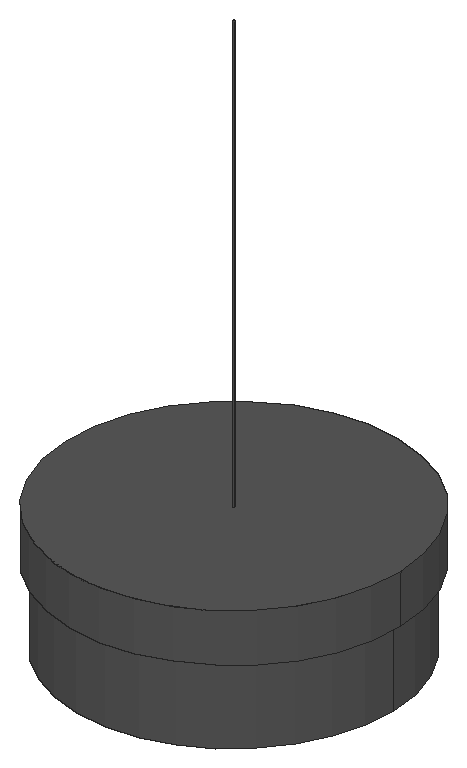
Revit family "ERA_LF_SPP-411", category Осветительные приборы, Revit 2019
Family settings
  Размер круглого соединителя = Использовать диаметр
  Тип детали = Нормальный
  На основе рабочей плоскости = Нет
  Всегда вертикально = Да
  При загрузке вырезать с полостями = Нет
  Источник света = Да
  Общий = Нет
  Точка расчета площади = Да
Parameters (values of type "SPP-411-0-50K-100, LED, IP65, d 230,7х88 мм, 100 Вт, 5000 К, класс защиты I, в комплекте (ic-драйвер)")
  built-in parameter 1150104 = 13.8 (stored number, unit not read)
  Чаша [instance] = 1 = 0  # no
  built-in parameter 1150134 = 2
  Файл фотометрической сетки = "IES для SPP-411-0-50K-100.ies"
  Угол наклона = 90.00°  # constant formula
  УГО_Масштаб [instance] = 100
  УГО_Диаметр [instance] = ADSK_Размер_Диаметр / УГО_Масштаб  # 2.307 mm
  УГО [instance] = GA_УГО : Круг
  УГО_Видимость [instance] = not(УГО_Реальный размер)  # yes
  УГО_Аварийный [instance] = no
  Тип установки = "Подвесной"
  Степень защиты IP = "IP65"
  built-in parameter 1150137 = (empty or 0)
  built-in parameter 1150132 = 2
  built-in parameter 1150114 = 1 (stored number, unit not read)
  Dimming Lamp Color Temperature Shift = (empty or 0)
  built-in parameter 1150105 = 954.93 (stored number, unit not read)
  Color Filter = 16777215
  Lumens = 12000 lm
  built-in parameter 1150109 = 1 (stored number, unit not read)
  built-in parameter 1150112 = 1 (stored number, unit not read)
  built-in parameter 1150110 = 1 (stored number, unit not read)
  built-in parameter 1150113 = 1 (stored number, unit not read)
  built-in parameter 1150115 = 1 (stored number, unit not read)
  built-in parameter 1114218 = 1 (stored number, unit not read)
  built-in parameter 1114217 = 1 (stored number, unit not read)
  built-in parameter 1150106 = 9.5493 (stored number, unit not read)
  built-in parameter 1150142 = "IESNA:LM-63-1995\r\n[DATA] 07.09.2020\r\n[MANUFAC]??РА\r\n[LUMCAT] SPP-411-0-50K-100\r\n[LUMINAIRE] Светильник\r\n[LAMP] Светодиодный модуль\r\nTILT=NONE\r\n1 13858 13.858 91 1 1 2 0.23 0.23 0.08\r\n1 1 92.66\r\n0 1 2 3 4 5 6 7 8 9 10 11 12 13 14 15 16 17 18 19 20 21 22 23 24 25 26 27 28 29 30 31 32 33 34 35 36 37 38 39 40 41 42 43 44 45 46 47 48 49 50 51 52 53 54 55 56 57 58 59 60 61 62 63 64 65 66 67 68 69 70 71 72 73 74 75 76 77 78 79 80 81 82 83 84 85 86 87 88 89 90 \r\n0\r\n388.3 388.2 388.1 387.7 387.2 386.5 385.9 385.1 384.2 383.1 382 380.8 379.4 377.8 376 374.2 372.3 370.3 368.1 365.9 363.5 360.9 358.2 355.3 352.4 349.4 346.3 343.1 339.6 336.1 332.4 328.6 324.6 320.5 316.3 312 307.5 303.1 298.4 293.7 288.8 283.8 278.6 273.3 267.9 262.2 256.4 250.3 243.9 237.2 230 222.5 214.6 206.3 197.6 188.6 179.3 169.9 160.2 150.4 140.6 130.8 121.2 111.7 102.5 93.5 85 76.9 69.2 62.1 55.5 49.3 43.6 38.5 33.8 29.6 25.7 22.3 19.1 16.3 13.7 11.3 9.2 7.4 5.7 4.2 0.7 0 0 0 0"
  built-in parameter 1150133 = 10 (stored number, unit not read)
  Wattage = 80.7853 W
  built-in parameter 1150139 = (empty or 0)
  built-in parameter 1114216 [instance] = 1 (stored number, unit not read)
  Цвет = Чёрный
  УГО_Реальный размер [instance] = no
  Description = ""
  Lamp = ""
  Комплект = "IC-драйвер"
  Класс пожароопасности = "Нет"
  Класс защиты = "I"
  built-in parameter 1150138 = (empty or 0)
  built-in parameter 1150107 = 5000 (stored number, unit not read)
  built-in parameter 1150102 = (empty or 0)
  Источник света = "LED"
  Emit from Circle Diameter = ADSK_Размер_Диаметр  # 230.70 mm
  Manufacturer = ""
  Длина подвеса [instance] = 300.00 mm
  Диаметр подвеса = 1.00 mm  # constant formula
  Геометрия изделия = "Круглый"
  Видимая форма излучения при визуализации = no
  Аварийный [instance] = if(УГО_Аварийный, "A", " ")  # " "
  _Длина подвеса [instance] = if(Длина подвеса < 1.00 mm, 1.00 mm, Длина подвеса)  # 300.00 mm
  _Диаметр подвеса [instance] = if(Диаметр подвеса < 1.00 mm, 1.00 mm, Диаметр подвеса)  # 1.00 mm
  URL = "https://www.eraworld.ru/catalog/2652513"
  ADSK_Размер_Диаметр = 230.70 mm
  ADSK_Примечание = "IC-драйвер, закаленное стекло с тиснением \"призма\""
  ADSK_Полная мощность = ADSK_Номинальная мощность / ADSK_Коэффициент мощности  # 105.263 VA
  ADSK_Позиция = ""
  ADSK_Номинальная мощность = 100 W
  ADSK_Напряжение = 230 V
  ADSK_Наименование краткое = "Светильник"
  ADSK_Марка = "SPP-411-0-50K-100"
  ADSK_Коэффициент мощности = 0.95
  ADSK_Количество фаз = 1
  ADSK_Код изделия = "SPP-411-0-50K-100"
  ADSK_Классификация нагрузок = Освещение
  ADSK_Размер_Высота = 88.00 mm
  ADSK_Обозначение = "SPP-411"
  ADSK_Наименование = "Светильник, LED, круглый, подвесной, IP65, d 230,7х88 мм, 100 Вт, 5000 К, класс защиты I, в комплекте (ic-драйвер)"
  ADSK_Завод-изготовитель = "ЭРА"
  ADSK_Единица измерения = "шт."
Types (3, lengths in mm): name | Файл фотометрической сетки | УГО_Диаметр | built-in parameter 1150105 | Lumens | built-in parameter 1150106 | built-in parameter 1150142 | Wattage | Emit from Circle Diameter | URL | ADSK_Размер_Диаметр | ADSK_Полная мощность | ADSK_Номинальная мощность | ADSK_Марка | ADSK_Код изделия | ADSK_Наименование
  SPP-411-0-50K-200, LED, IP65, d 310,7х88 мм, 200 Вт, 5000 К, класс защиты I, в комплекте (ic-драйвер) | "IES для SPP-411-0-50K-200.ies" | 3.107 | 1909.9 (stored number, unit not read) | 24000 lm | 19.099 (stored number, unit not read) | "IESNA:LM-63-1995\r\n[DATA] 09.09.2020\r\n[MANUFAC]??РА \r\n[LUMCAT] SPP-411-0-50K-200\r\n[LUMINAIRE] Светильник\r\n[LAMP] Светодиодный модуль\r\nTILT=NONE\r\n1 25674 25.674 91 1 1 2 0.31 0.31 0.08\r\n1 1 177.82\r\n0 1 2 3 4 5 6 7 8 9 10 11 12 13 14 15 16 17 18 19 20 21 22 23 24 25 26 27 28 29 30 31 32 33 34 35 36 37 38 39 40 41 42 43 44 45 46 47 48 49 50 51 52 53 54 55 56 57 58 59 60 61 62 63 64 65 66 67 68 69 70 71 72 73 74 75 76 77 78 79 80 81 82 83 84 85 86 87 88 89 90 \r\n0\r\n387.3 387.3 387.2 386.8 386.3 385.7 385.1 384.4 383.5 382.5 381.3 380 378.6 377 375.4 373.7 371.9 369.9 367.7 365.5 363.1 360.7 358 355.2 352.3 349.3 346.1 342.9 339.5 336 332.4 328.6 324.6 320.6 316.4 312.2 307.8 303.2 298.6 293.8 288.9 284 279 273.7 268.3 262.8 257.1 251.2 245.1 238.7 232 225 217.6 209.8 201.5 192.8 183.7 174.2 164.3 154.2 143.8 133.4 123 112.8 102.8 93.2 84 75.3 67.1 59.5 52.6 46.2 40.4 35.2 30.6 26.5 22.8 19.6 16.8 14.3 12 10 8.3 6.7 5.3 4.1 1.7 0 0 0 0" | 161.571 W | 310.70 | "https://www.eraworld.ru/catalog/2652515" | 310.70 | 210.526 VA | 200 W | "SPP-411-0-50K-200" | "SPP-411-0-50K-200" | "Светильник, LED, круглый, подвесной, IP65, d 310,7х88 мм, 200 Вт, 5000 К, класс защиты I, в комплекте (ic-драйвер)"
  SPP-411-0-50K-150, LED, IP65, d 260,7х88 мм, 150 Вт, 5000 К, класс защиты I, в комплекте (ic-драйвер) | "IES для SPP-411-0-50K-150.ies" | 2.607 | 1432.4 (stored number, unit not read) | 18000 lm | 14.324 (stored number, unit not read) | "IESNA:LM-63-1995\r\n[DATA] 09.09.2020\r\n[MANUFAC]??РА\r\n[LUMCAT] SPP-411-0-50K-150\r\n[LUMINAIRE] Светильник\r\n[LAMP] Светодиодный модуль\r\nTILT=NONE\r\n1 20910 20.91 91 1 1 2 0.26 0.26 0.08\r\n1 1 145.42\r\n0 1 2 3 4 5 6 7 8 9 10 11 12 13 14 15 16 17 18 19 20 21 22 23 24 25 26 27 28 29 30 31 32 33 34 35 36 37 38 39 40 41 42 43 44 45 46 47 48 49 50 51 52 53 54 55 56 57 58 59 60 61 62 63 64 65 66 67 68 69 70 71 72 73 74 75 76 77 78 79 80 81 82 83 84 85 86 87 88 89 90 \r\n0\r\n383.3 383.2 383.1 382.9 382.4 381.8 381.1 380.2 379.3 378.3 377.2 375.9 374.5 372.9 371.3 369.6 367.8 365.8 363.6 361.4 359 356.6 354.1 351.3 348.5 345.5 342.4 339.1 335.8 332.4 328.8 325 321.1 317.1 312.9 308.7 304.4 299.9 295.2 290.5 285.6 280.7 275.8 270.6 265.3 259.9 254.3 248.5 242.6 236.5 230 223.4 216.3 208.8 200.9 192.7 184.1 175 165.7 156.1 146.3 136.4 126.4 116.5 106.8 97.4 88.4 79.7 71.6 63.9 56.8 50.2 44.1 38.6 33.7 29.3 25.3 21.8 18.8 16 13.6 11.4 9.4 7.6 6 4.6 3 0 0 0 0" | 121.178 W | 260.70 | "https://www.eraworld.ru/catalog/2652514" | 260.70 | 157.895 VA | 150 W | "SPP-411-0-50K-150" | "SPP-411-0-50K-150" | "Светильник, LED, круглый, подвесной, IP65, d 260,7х88 мм, 150 Вт, 5000 К, класс защиты I, в комплекте (ic-драйвер)"
  SPP-411-0-50K-100, LED, IP65, d 230,7х88 мм, 100 Вт, 5000 К, класс защиты I, в комплекте (ic-драйвер) | "IES для SPP-411-0-50K-100.ies" | 2.307 | 954.93 (stored number, unit not read) | 12000 lm | 9.5493 (stored number, unit not read) | "IESNA:LM-63-1995\r\n[DATA] 07.09.2020\r\n[MANUFAC]??РА\r\n[LUMCAT] SPP-411-0-50K-100\r\n[LUMINAIRE] Светильник\r\n[LAMP] Светодиодный модуль\r\nTILT=NONE\r\n1 13858 13.858 91 1 1 2 0.23 0.23 0.08\r\n1 1 92.66\r\n0 1 2 3 4 5 6 7 8 9 10 11 12 13 14 15 16 17 18 19 20 21 22 23 24 25 26 27 28 29 30 31 32 33 34 35 36 37 38 39 40 41 42 43 44 45 46 47 48 49 50 51 52 53 54 55 56 57 58 59 60 61 62 63 64 65 66 67 68 69 70 71 72 73 74 75 76 77 78 79 80 81 82 83 84 85 86 87 88 89 90 \r\n0\r\n388.3 388.2 388.1 387.7 387.2 386.5 385.9 385.1 384.2 383.1 382 380.8 379.4 377.8 376 374.2 372.3 370.3 368.1 365.9 363.5 360.9 358.2 355.3 352.4 349.4 346.3 343.1 339.6 336.1 332.4 328.6 324.6 320.5 316.3 312 307.5 303.1 298.4 293.7 288.8 283.8 278.6 273.3 267.9 262.2 256.4 250.3 243.9 237.2 230 222.5 214.6 206.3 197.6 188.6 179.3 169.9 160.2 150.4 140.6 130.8 121.2 111.7 102.5 93.5 85 76.9 69.2 62.1 55.5 49.3 43.6 38.5 33.8 29.6 25.7 22.3 19.1 16.3 13.7 11.3 9.2 7.4 5.7 4.2 0.7 0 0 0 0" | 80.7853 W | 230.70 | "https://www.eraworld.ru/catalog/2652513" | 230.70 | 105.263 VA | 100 W | "SPP-411-0-50K-100" | "SPP-411-0-50K-100" | "Светильник, LED, круглый, подвесной, IP65, d 230,7х88 мм, 100 Вт, 5000 К, класс защиты I, в комплекте (ic-драйвер)"
Reference planes
  plane 1 "По центру (Вперед/Назад)": y = 0
  plane 2: z = 0
  plane 3 "По центру (Влево/Вправо)": x = 0
  plane 4 "ИС": z = -388
  plane 5 "H": z = -300
Dimensions and locks
  "_Длина подвеса": plane 5 "H" to plane 2
  "ADSK_Размер_Высота": plane 4 "ИС" to plane 5 "H"
  aligned and locked: level to plane 2
  aligned and locked: plane 1 "По центру (Вперед/Назад)" to nested 2
  aligned and locked: plane 3 "По центру (Влево/Вправо)" to nested 2
  aligned and locked: plane 3 "По центру (Влево/Вправо)" to nested 3
  aligned and locked: plane 1 "По центру (Вперед/Назад)" to nested 3
  aligned and locked: imposter light to plane 4 "ИС"
  aligned and locked: nested 2 to plane 5 "H"
Nested families
  nested 1: "GA_УГО" at (0, 0, 0), visible <- "УГО_Видимость", type <- "УГО", Аварийный <- "УГО_Аварийный", type "Круг", detail levels coarse+medium
    with Аварийный no, Диаметр 2.307 mm
  nested 2: "GM_Корпус" at (0, 0, -300) x (1, 0, 0) z (0, 0, -1), type "GM_Корпус"
    with Бортик внутренний диаметр 220.70 mm, Диаметр 230.70 mm, Бортик высота 33.679 mm, Высота 88.00 mm
  nested 3: "GM_Подвес" at (0, 0, 0), type "GM_Подвес"
    with Чаша no, Реальный размер no, Длина подвеса 300.00 mm, Диаметр чаши 51.618 mm, Диаметр подвеса 1.00 mm, Высота чаши 93.518 mm
Connectors
  electrical at (0, 0, 0), driven by "ADSK_Коэффициент мощности", driven by "ADSK_Количество фаз", driven by "ADSK_Классификация нагрузок", driven by "ADSK_Напряжение", driven by "ADSK_Полная мощность"
    settings: index 1, voltage 230 V, apparent load 105.263 VA, apparent load phase1 0 VA, apparent load phase2 0 VA, apparent load phase3 0 VA, power factor 0.95, load classification "Освещение", number of poles 1, system type 30, power factor state 1, is connector primary yes, connector utility no, sub classification motor no, connector description ""
Definition of nested family "GM_Корпус"
  Parameters (values of type "GM_Корпус")
    Цвет = none
    Реальный размер = no
    Default Elevation = 1000.00 mm
    Бортик внутренний диаметр = Диаметр - 10.00 mm  # 290.00 mm
    Диаметр = 300.00 mm
    Бортик высота = Высота - Высота / 1.62  # 76.543 mm
    Высота = 200.00 mm
  Reference planes
    plane 1 "По центру (Вперед/Назад)": y = 0
    plane 2: z = 0
    plane 3 "По центру (Влево/Вправо)": x = 0
  Forms (mm)
    Extrusion 1, solid, material <- "Цвет", detail levels fine
      sketch origin (-63.228, 19.082, 0) x (1, 0, 0) y (0, 1, 0)
        loop
          circle (63.228, -19.082) r 150
      from 0 to 76.543 <- "Бортик высота"
    Extrusion 2, solid, visible <- "Реальный размер", detail levels coarse+medium
      sketch origin (0, 0, 0) x (1, 0, 0) y (0, 1, 0)
        loop
          circle (0, 0) r 150
      from 0 to 200 <- "Высота"
    Extrusion 3, solid, material <- "Цвет", detail levels fine
      sketch origin (0, 0, 0) x (1, 0, 0) y (0, 1, 0)
        loop
          circle (0, 0) r 145
      from 76.543 <- "Бортик высота" to 200 <- "Высота"
  Dimensions and locks
    "Диаметр": diameter of Extrusion 2 sketch curve
    "Диаметр": diameter of Extrusion 1 sketch curve
    "Бортик внутренний диаметр": diameter of Extrusion 3 sketch curve
    aligned and locked: level to plane 2
    aligned and locked: Extrusion 1 to plane 2
    aligned and locked: Extrusion 2 to plane 2
  Automatic sketch dimensions
    plane 1 "По центру (Вперед/Назад)" to Extrusion 1 sketch curve = 0.00 mm
    Extrusion 1 sketch curve to plane 3 "По центру (Влево/Вправо)" = 0.00 mm
    plane 1 "По центру (Вперед/Назад)" to Extrusion 2 sketch curve = 0.00 mm
    Extrusion 2 sketch curve to plane 3 "По центру (Влево/Вправо)" = 0.00 mm
    plane 1 "По центру (Вперед/Назад)" to Extrusion 3 sketch curve = 0.00 mm
    Extrusion 3 sketch curve to plane 3 "По центру (Влево/Вправо)" = 0.00 mm
Definition of nested family "GM_Подвес"
  Parameters (values of type "GM_Подвес")
    Чаша = yes
    Цвет = none
    Реальный размер = yes
    Default Elevation = 1000.00 mm
    Длина подвеса = 500.00 mm
    Диаметр чаши = Диаметр подвеса * 1.618 + 50.00 mm  # 59.708 mm
    Диаметр подвеса = 6.00 mm
    Высота чаши = Диаметр чаши * 1.618 + 10.00 mm  # 106.608 mm
  Reference planes
    plane 1 "По центру (Вперед/Назад)": y = 0
    plane 2: z = 0
    plane 3 "По центру (Влево/Вправо)": x = 0
    plane 4 "H": z = -500
  Forms (mm)
    Extrusion 1, solid, material <- "Цвет", detail levels fine
      sketch origin (0, 0, 0) x (1, 0, 0) y (0, 1, 0)
        loop
          circle (0, 0) r 3
      from 0 to -500
    Extrusion 2, solid, material <- "Цвет", visible <- "Чаша", detail levels fine
      sketch origin (0, 0, 0) x (1, 0, 0) y (0, 1, 0)
        loop
          circle (0, 0) r 29.854
      from 0 to -106.608
  Lines and regions (mm)
    model lines, visible <- "Реальный размер", detail levels coarse+medium
      curve 1: line (0, 0, -500) -> (0, 0, 0)
  Dimensions and locks
    "Длина подвеса": plane 4 "H" to plane 2
    "Диаметр чаши": diameter of Extrusion 2 sketch curve
    "Диаметр подвеса": diameter of Extrusion 1 sketch curve
    aligned and locked: level to plane 2
    aligned and locked: plane 4 "H" to Extrusion 1
    aligned and locked: plane 2 to Extrusion 1
    aligned and locked: level to curve 1
    aligned and locked: curve 1 to plane 4 "H"
    aligned and locked: curve 1 to plane 3 "По центру (Влево/Вправо)"
  Automatic sketch dimensions
    plane 1 "По центру (Вперед/Назад)" to Extrusion 1 sketch curve = 0.00 mm
    Extrusion 1 sketch curve to plane 3 "По центру (Влево/Вправо)" = 0.00 mm
    plane 1 "По центру (Вперед/Назад)" to Extrusion 2 sketch curve = 0.00 mm
    Extrusion 2 sketch curve to plane 3 "По центру (Влево/Вправо)" = 0.00 mm
Definition of nested family "GA_УГО"
  Parameters (values of type "Прямоугольник")
    Ширина = 10.00 mm
    Прямоугольник = yes
    Круг = no
    Длина = 10.00 mm
    Диаметр = 10.00 mm
    Аварийный [instance] = yes
  Types (3, lengths in mm): name | Прямоугольник | Круг | Аварийный
    Круг | no | yes | yes
    Прямоугольник | yes | no | yes
    Нет | no | no | no
  Reference planes
    plane 1: y = 0
    plane 2: x = 0
  Lines and regions (mm)
    detail lines, visible <- "Круг"
      curve 1: circle (0, 0, 0) r 5 normal (0, 0, 1)
    detail lines, visible <- "Прямоугольник"
      curve 2: line (-5, -5, 0) -> (5, -5, 0)
      curve 3: line (-5, 5, 0) -> (-5, -5, 0)
      curve 4: line (5, 5, 0) -> (-5, 5, 0)
      curve 5: line (5, -5, 0) -> (5, 5, 0)
  Text (mm)
    text "А" at (-0.656, 1.428, 0), visible <- "Аварийный"
  Dimensions and locks
    equal spacing: curve 3, plane 2, curve 5
    equal spacing: curve 2, plane 1, curve 4
    "Ширина": curve 3 to curve 5
    "Длина": curve 2 to curve 4
    "Диаметр": diameter of curve 1
    aligned and locked: plane 2 to curve 1
    aligned and locked: plane 1 to curve 1
